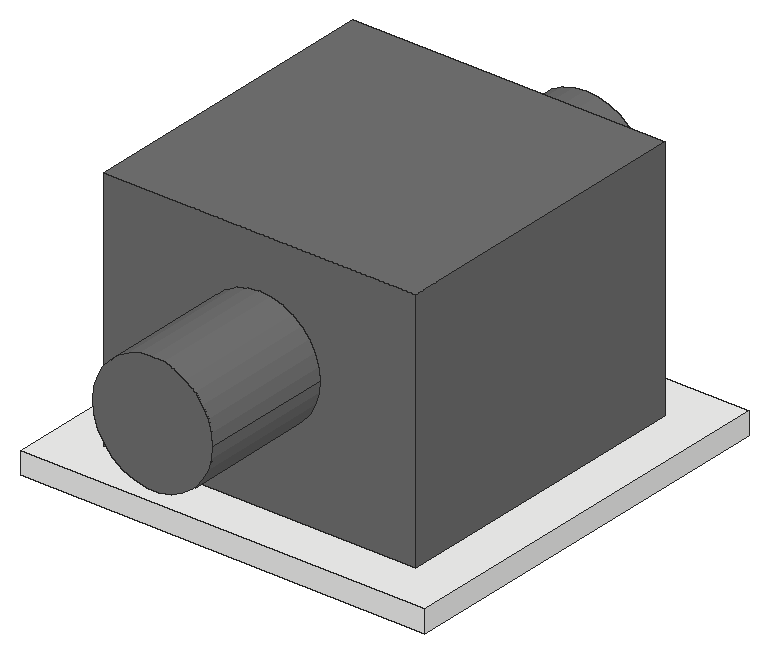
Revit family "vd-13_15zf(p)c14-bl_60Hz", category 機械設備, Revit 2019
Family settings
  丸型コネクタ寸法 = 直径を使用
  パーツ タイプ = 標準
  OmniClass 番号 = 23.75.35.17.27
  OmniClass タイトル = Centrifugal Fans
  作業面ベース = いいえ
  常に垂直 = はい
  ロード時にボイドで切り取り = いいえ
  共有 = いいえ
  部屋計算ポイント = はい
Parameters (values of type "VD-15ZFPC14-BL")
  騒音レベル(dB(A)) [instance] = 31
  風量 [instance] = 180.0 m³/h
  電源種別 [instance] = ""
  電圧 = 100 V
  電動機出力 = 0 W
  電動機_種別 [instance] = ""
  運転質量 = 0.00 kg
  連動 [instance] = ""
  質量 = if(製品質量 > 運転質量, 製品質量, 運転質量) * 1.2  # 4.08 kg
  負荷分類 = 3_ファン類
  説明 = "優良住宅部品(BL部品)認定 ダクト用換気扇<換気ユニット サニタリー用ファン 2室用Ⅲ型>"
  設計風量 [instance] = 0.0 m³/h
  設置方法 = "天埋"
  記号 [instance] = ""
  製造元 = "三菱電機株式会社"
  製品質量 = 3.40 kg
  製品出荷対象 = "国内"
  製品リリース年月 = "2024年6月3日"
  製品グループ = ""
  系統 [instance] = ""
  符号 [instance] = if(☑給気／□排気, "FS", "FE")  # "FE"
  積算_科目 = "2 換気設備"
  積算_拾い区分 [instance] = ""
  相 = 1
  盤記号 [instance] = ""
  発停方法 [instance] = ""
  特殊仕様 [instance] = ""
  火災停止 [instance] = ""
  消費電力 = 28.5 W
  法定耐用年数 = "15"
  機外静圧 [instance] = 0.0 Pa
  極数 = 2
  材質 [instance] = ""
  操作・制御方式 = ""
  操作・制御スイッチ = ""
  排気量 [instance] = if(☑給気／□排気, 0.0 m³/h, 設計風量)  # 0.0 m³/h
  形式 = "天井埋込ダクト形"
  幹線記号 [instance] = ""
  対象室 [instance] = ""
  実風量 [instance] = 0.0 m³/h
  始動方式 [instance] = "直入"
  外気量 [instance] = if(☑給気／□排気, 設計風量, 0.0 m³/h)  # 0.0 m³/h
  呼称 = "天井扇"
  周波数 = 60 Hz
  参照している仕様書等のバージョン = ""
  分類コード = "50052503100030"
  分類グループ = ""
  価格 = 44400
  企業コード = "108420"
  付属品_防振装置 = ""
  付属品 [instance] = ""
  仕様書バージョン = "Version1.0"
  モデル = "VD-15ZFPC14-BL"
  マテリアル = 合成樹脂(黒)
  ファンの種類 = ""
  ダクト径 = 100 mm
  コメント [instance] = ""
  Keynote = ""
  カバーマテリアル = 合成樹脂(白)
  ☑給気／□排気 [instance] = no
  Width = 254 mm
  W1 = 330 mm
  Version = ""
  Uniclass2015Version = "Systems v1.9"
  Uniclass2015Title = "Centrifugal fans"
  Uniclass2015Code = "Pr_65_67_29_12"
  URL = "https://www.mitsubishielectric.co.jp/ldg/wink/qr/002/333614/"
  SpecificationReference = ""
  SpecificationDescription = ""
  Revision = ""
  RAダクト接続口_3 = no
  RAダクト接続口_2 = no
  RAダクト接続口_1 = yes
  RAサイズ_D = 98 mm
  RA_Duct_Height = 109 mm
  RA_Duct_Depth = 79 mm
  ProductInformation = ""
  OmniClassCode = "23-33 31 19 11 15"
  OAサイズ_D = 0 mm
  MIN風量 = 0.0 m³/h
  MIN静圧 = 0.0 Pa
  MID風量 = 0.0 m³/h
  MID静圧 = 0.0 Pa
  MAX風量 = 180.0 m³/h
  MAX静圧 = 0.0 Pa
  IfcTypeProduct = ""
  IfcProduct = ""
  IfcExportType = "PROPELLORAXIAL"
  IfcExportAs = "IfcFanType"
  Height = 200 mm
  H1 = 18 mm
  EAサイズ_D = 98 mm
  EA_Duct_Height = 109 mm
  EA_Duct_Depth = 109 mm
  Duct_Height = 111 mm
  Duct_Depth = 114 mm
  Duct_Center = 0 mm
  Depth = 254 mm
  D1 = 330 mm
  Box_Width = 24.336 mm
  Box_W = 104.664 mm
  Box_Height = 87 mm
  Box_H = 41.608 mm
  Author = "三菱電機株式会社"
Types (3, lengths in mm): name | 騒音レベル(dB(A)) | 風量 | 質量 | 説明 | 製品質量 | 消費電力 | 価格 | モデル | URL | MAX風量
  VD-13ZFC14-BL | 29 | 170.0 m³/h | 3.84 kg | "優良住宅部品(BL部品)認定 ダクト用換気扇<換気ユニット サニタリー用ファン 2室用I型>" | 3.20 kg | 15.5 W | 36100 | "VD-13ZFC14-BL" | "https://www.mitsubishielectric.co.jp/ldg/wink/qr/002/333589/" | 170.0 m³/h
  VD-15ZFC14-BL | 34 | 210.0 m³/h | 3.84 kg | "優良住宅部品(BL部品)認定 ダクト用換気扇<換気ユニット サニタリー用ファン 2室用Ⅱ型>" | 3.20 kg | 23 W | 37200 | "VD-15ZFC14-BL" | "https://www.mitsubishielectric.co.jp/ldg/wink/qr/002/333609/" | 210.0 m³/h
  VD-15ZFPC14-BL | 31 | 180.0 m³/h | 4.08 kg | "優良住宅部品(BL部品)認定 ダクト用換気扇<換気ユニット サニタリー用ファン 2室用Ⅲ型>" | 3.40 kg | 28.5 W | 44400 | "VD-15ZFPC14-BL" | "https://www.mitsubishielectric.co.jp/ldg/wink/qr/002/333614/" | 180.0 m³/h
Reference planes
  plane 1 "中心(正面/背面)": y = 0
  plane 2: z = 0
  plane 3 "中心(左/右)": x = 0
  plane 4: x = -165
  plane 5: x = 165
  plane 6: y = 165
  plane 7: y = -165
  plane 8: x = -127
  plane 9: x = 127
  plane 10: y = 127
  plane 11: y = -127
  plane 12: y = -236
  plane 13: z = 200
  plane 14: z = -18
  plane 15: z = 109
  plane 16: x = 0
  plane 17: y = 206
  plane 18: z = 109
  plane 19: x = 206
  plane 20: x = -206
  plane 21: z = 109
  plane 22: x = 104.664
  plane 23: x = 80.327
  plane 24: z = 23.608
  plane 25: z = 110.608
Forms (mm)
  Extrusion 1, solid, material "合成樹脂(黒)" <- "マテリアル", detail levels fine
    sketch origin (0, 0, 0) x (1, 0, 0) y (0, 1, 0)
      loop
        line (-127, 127) -> (-127, -127) -> (127, -127) -> (127, 127) -> (-127, 127)
    from 0 to 200
  Extrusion 2, solid, material "合成樹脂(白)" <- "カバーマテリアル", detail levels fine
    sketch origin (0, 0, 0) x (1, 0, 0) y (0, 1, 0)
      loop
        line (-165, 165) -> (-165, -165) -> (165, -165) -> (165, 165) -> (-165, 165)
    from 0 to -18
  Extrusion 3, solid, material "合成樹脂(黒)" <- "マテリアル", detail levels fine
    sketch origin (0, 0, 0) x (1, 0, 0) y (0, 0, 1)
      loop
        circle (0, 109) r 49
    from 127 to 236
  Extrusion 4, solid, material "合成樹脂(黒)" <- "マテリアル", visible <- "RAダクト接続口_1", detail levels fine
    sketch origin (1.655, 0, 0) x (1, 0, 0) y (0, 0, 1)
      loop
        circle (-1.655, 109) r 49
    from -206 to -127
  Extrusion 5, solid, material "合成樹脂(黒)" <- "マテリアル", visible <- "RAダクト接続口_3", detail levels fine
    sketch origin (0, 0, 0) x (0, 1, 0) y (0, 0, 1)
      loop
        circle (0, 109) r 49
    from -206 to -127
  Extrusion 6, solid, material "合成樹脂(黒)" <- "マテリアル", visible <- "RAダクト接続口_2", detail levels fine
    sketch origin (0, 0, 0) x (0, 1, 0) y (0, 0, 1)
      loop
        circle (0, 109) r 49
    from 127 to 206
Dimensions and locks
  equal spacing: plane 4, plane 3 "中心(左/右)", plane 5
  "W1": plane 4 to plane 5
  equal spacing: plane 6, plane 1 "中心(正面/背面)", plane 7
  "D1": plane 6 to plane 7
  equal spacing: plane 8, plane 3 "中心(左/右)", plane 9
  "Width": plane 8 to plane 9
  equal spacing: plane 10, plane 1 "中心(正面/背面)", plane 11
  "Depth": plane 10 to plane 11
  "EA_Duct_Depth": plane 11 to plane 12
  "Height": plane 13 to plane 2
  "EA_Duct_Height": plane 15 to plane 2
  "H1": plane 2 to plane 14
  "Duct_Center": plane 3 "中心(左/右)" to plane 16
  "RA_Duct_Height": level to plane 18
  "RA_Duct_Depth": plane 17 to plane 10
  "RA_Duct_Depth": plane 9 to plane 19
  "RA_Duct_Depth": plane 20 to plane 8
  "RA_Duct_Height": plane 21 to level
  "Box_W": plane 22 to plane 3 "中心(左/右)"
  "Box_Width": plane 22 to plane 23
  "Box_H": plane 24 to plane 14
  "Box_Height": plane 25 to plane 24
  "EAサイズ_D": diameter of Extrusion 3 sketch curve
  "RAサイズ_D": diameter of Extrusion 4 sketch curve
  "RAサイズ_D": diameter of Extrusion 6 sketch curve
  "RAサイズ_D": diameter of Extrusion 6
  aligned and locked: level to plane 2
  aligned and locked: plane 5 to Extrusion 2
  aligned and locked: plane 6 to Extrusion 2
  aligned and locked: Extrusion 2 to plane 4
  aligned and locked: Extrusion 2 to plane 7
  aligned and locked: plane 9 to Extrusion 1
  aligned and locked: Extrusion 1 to plane 11
  aligned and locked: Extrusion 1 to plane 8
  aligned and locked: plane 10 to Extrusion 1
  aligned and locked: plane 13 to Extrusion 1
  aligned and locked: Extrusion 2 to plane 14
  aligned and locked: level to Extrusion 2
  aligned and locked: Extrusion 1 to level
  aligned and locked: Extrusion 3 to plane 12
  aligned and locked: plane 11 to Extrusion 3
  aligned and locked: plane 17 to Extrusion 4
  aligned and locked: Extrusion 4 to plane 10
  aligned and locked: plane 8 to Extrusion 5
  aligned and locked: Extrusion 5 to plane 20
  aligned and locked: Extrusion 6 to plane 9
  aligned and locked: plane 19 to Extrusion 6
Automatic sketch dimensions
  Extrusion 1 sketch curve to plane 3 "中心(左/右)" = 127 mm
  plane 3 "中心(左/右)" to Extrusion 1 sketch curve = 127 mm
  Extrusion 2 sketch curve to plane 3 "中心(左/右)" = 165 mm
  plane 3 "中心(左/右)" to Extrusion 2 sketch curve = 165 mm
  plane 1 "中心(正面/背面)" to Extrusion 1 sketch curve = 127 mm
  Extrusion 1 sketch curve to plane 1 "中心(正面/背面)" = 127 mm
  plane 1 "中心(正面/背面)" to Extrusion 2 sketch curve = 165 mm
  Extrusion 2 sketch curve to plane 1 "中心(正面/背面)" = 165 mm
  Extrusion 3 sketch curve to plane 15 = 0 mm
  Extrusion 3 sketch curve to plane 16 = 0 mm
  Extrusion 4 sketch curve to plane 16 = 0 mm
  Extrusion 4 sketch curve to plane 18 = 0 mm
  Extrusion 6 sketch curve to plane 1 "中心(正面/背面)" = 0 mm
  Extrusion 6 sketch curve to plane 18 = 0 mm
  Extrusion 5 sketch curve to plane 1 "中心(正面/背面)" = 0 mm
  Extrusion 5 sketch curve to plane 18 = 0 mm
  radius of Extrusion 5 sketch curve = 49 mm
Nested families
  nested 1: "記号_天井換気扇_平面" at (0, 0, 0), type "記号_天井換気扇_平面", detail levels coarse+medium
Connectors
  hvac at (0, -236, 109), driven by "ダクト径", driven by "風量", driven by "機外静圧"
    settings: on Extrusion 3, index 1, duct flow 180.0 m³/h, flow factor 0, pres drop 0.0 Pa, loss coef 0, conn angle 0.00°, conn width 304.8 mm, conn height 304.8 mm, conn diameter 100 mm, duct sys type 3, conn prof type 0, flow config 0, flow direction 2, loss method 4, conn ref index -1, conn util no, is conn primary yes, conn desc ""
  electrical at (0, 0, 200), driven by "極数", driven by "負荷分類", driven by "電圧", driven by "消費電力"
    settings: on Extrusion 1, index 2, voltage 100 V, apparent load 28.5 VA, apparent load phase1 0 VA, apparent load phase2 0 VA, apparent load phase3 0 VA, power factor 1, load classification "3_ファン類", number of poles 2, system type 30, power factor state 1, is connector primary yes, connector utility no, sub classification motor no, connector description ""
  hvac at (0, 206, 109), driven by "ダクト径", driven by "機外静圧", driven by "風量"
    settings: on Extrusion 4, index 4, duct flow 180.0 m³/h, flow factor 0, pres drop 0.0 Pa, loss coef 0, conn angle 0.00°, conn width 304.8 mm, conn height 304.8 mm, conn diameter 100 mm, duct sys type 2, conn prof type 0, flow config 0, flow direction 1, loss method 4, conn ref index -1, conn util no, is conn primary no, conn desc ""
  hvac at (206, 0, 109), driven by "RAサイズ_D", driven by "機外静圧", driven by "風量"
    settings: on Extrusion 6, index 5, duct flow 180.0 m³/h, flow factor 0, pres drop 0.0 Pa, loss coef 0, conn angle 0.00°, conn width 304.8 mm, conn height 304.8 mm, conn diameter 98 mm, duct sys type 2, conn prof type 0, flow config 0, flow direction 1, loss method 4, conn ref index -1, conn util no, is conn primary no, conn desc ""
  hvac at (-206, 0, 109), driven by "RAサイズ_D", driven by "機外静圧", driven by "風量"
    settings: on Extrusion 5, index 6, duct flow 180.0 m³/h, flow factor 0, pres drop 0.0 Pa, loss coef 0, conn angle 0.00°, conn width 304.8 mm, conn height 304.8 mm, conn diameter 98 mm, duct sys type 2, conn prof type 0, flow config 0, flow direction 1, loss method 4, conn ref index -1, conn util no, is conn primary no, conn desc ""
Definition of nested family "記号_天井換気扇_平面"
  Reference planes
    plane 1: y = 0
    plane 2: x = 0
  Lines and regions (mm)
    detail lines
      curve 1: line (-2.5, 2.5, 0) -> (2.5, 2.5, 0)
      curve 2: line (-2.5, -2.5, 0) -> (-2.5, 2.5, 0)
      curve 3: line (2.5, -2.5, 0) -> (-2.5, -2.5, 0)
      curve 4: line (2.5, 2.5, 0) -> (2.5, -2.5, 0)
      curve 5: circle (-1.04, -1.04, 0) r 1.46 normal (0, 0, 1)
      curve 6: circle (1.04, 1.04, 0) r 1.46 normal (0, 0, 1)
      curve 7: line (-3.125, 3.125, 0) -> (3.125, 3.125, 0)
      curve 8: line (-3.125, -3.125, 0) -> (-3.125, 3.125, 0)
      curve 9: line (3.125, -3.125, 0) -> (-3.125, -3.125, 0)
      curve 10: line (3.125, 3.125, 0) -> (3.125, -3.125, 0)
      curve 11: circle (1.295, 1.295, 0) r 1.83 normal (0, 0, 1)
      curve 12: circle (-1.295, -1.295, 0) r 1.83 normal (0, 0, 1)
      curve 13: line (-2, 2, 0) -> (2, 2, 0)
      curve 14: line (-2, -2, 0) -> (-2, 2, 0)
      curve 15: line (2, -2, 0) -> (-2, -2, 0)
      curve 16: line (2, 2, 0) -> (2, -2, 0)
      curve 17: circle (0.84, 0.84, 0) r 1.16 normal (0, 0, 1)
      curve 18: circle (-0.84, -0.84, 0) r 1.2 normal (0, 0, 1)
